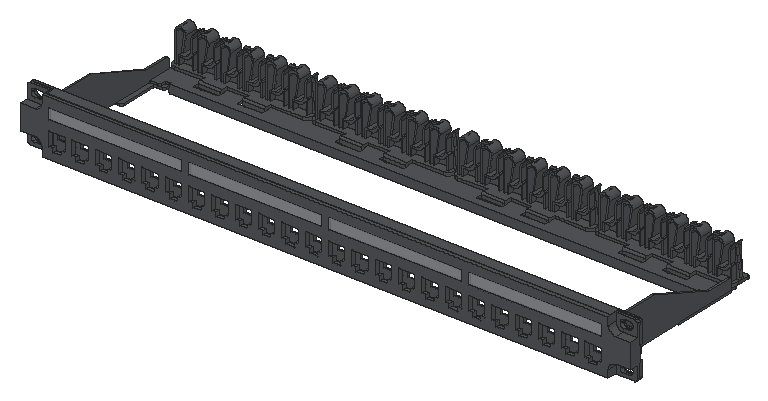
Revit family "Panneau de brassage", category Equipement spécialisé, Revit 2020 (continued)
Dimensions and locks
  equal spacing: group 25, group 26, group 27, group 28, group 29, group 30, group 31, group 32, group 33, group 34, group 35, group 36  (x2)
  locked: plane 60 to plane 59 at 13
  locked: plane 64 to plane 59 at 3.1
  locked: plane 60 to plane 62 at 3.1
  locked: plane 66 to plane 65 at 13
  locked: plane 70 to plane 65 at 3.1
  locked: plane 66 to plane 68 at 3.1
  locked: plane 72 to plane 71 at 13
  locked: plane 76 to plane 71 at 3.1
  locked: plane 72 to plane 74 at 3.1
  locked: plane 78 to plane 77 at 13
  locked: plane 82 to plane 77 at 3.1
  locked: plane 78 to plane 80 at 3.1
  locked: plane 84 to plane 83 at 13
  locked: plane 88 to plane 83 at 3.1
  locked: plane 84 to plane 86 at 3.1
  locked: plane 90 to plane 89 at 13
  locked: plane 94 to plane 89 at 3.1
  locked: plane 90 to plane 92 at 3.1
  locked: plane 96 to plane 95 at 13
  locked: plane 100 to plane 95 at 3.1
  locked: plane 96 to plane 98 at 3.1
  locked: plane 102 to plane 101 at 13
  locked: plane 106 to plane 101 at 3.1
  locked: plane 102 to plane 104 at 3.1
  locked: plane 108 to plane 107 at 13
  locked: plane 112 to plane 107 at 3.1
  locked: plane 108 to plane 110 at 3.1
  locked: plane 114 to plane 113 at 13
  locked: plane 118 to plane 113 at 3.1
  locked: plane 114 to plane 116 at 3.1
  locked: plane 119 to plane 120 at 13
  locked: plane 119 to plane 124 at 3.1
  locked: plane 122 to plane 120 at 3.1
  locked: plane 125 to plane 126 at 13
  locked: plane 125 to plane 130 at 3.1
  locked: plane 128 to plane 126 at 3.1
  locked: plane 131 to plane 132 at 13
  locked: plane 131 to plane 136 at 3.1
  locked: plane 134 to plane 132 at 3.1
  locked: plane 137 to plane 138 at 13
  locked: plane 137 to plane 142 at 3.1
  locked: plane 140 to plane 138 at 3.1
  locked: plane 143 to plane 144 at 13
  locked: plane 143 to plane 148 at 3.1
  locked: plane 146 to plane 144 at 3.1
  locked: plane 149 to plane 150 at 13
  locked: plane 149 to plane 154 at 3.1
  locked: plane 152 to plane 150 at 3.1
  locked: plane 155 to plane 156 at 13
  locked: plane 155 to plane 160 at 3.1
  locked: plane 158 to plane 156 at 3.1
  locked: plane 161 to plane 162 at 13
  locked: plane 161 to plane 166 at 3.1
  locked: plane 164 to plane 162 at 3.1
  locked: plane 167 to plane 168 at 13
  locked: plane 167 to plane 172 at 3.1
  locked: plane 170 to plane 168 at 3.1
  locked: plane 173 to plane 174 at 13
  locked: plane 173 to plane 178 at 3.1
  locked: plane 176 to plane 174 at 3.1
  locked: plane 179 to plane 180 at 13
  locked: plane 179 to plane 184 at 3.1
  locked: plane 182 to plane 180 at 3.1
  locked: plane 185 to plane 186 at 13
  locked: plane 185 to plane 190 at 3.1
  locked: plane 188 to plane 186 at 3.1
  plane 193 to cut or joined group 1 (Extrusion 31, Extrusion 32, Extrusion 33, Extrusion 34, Extrusion 35, Extrusion 36, Extrusion 37, Extrusion 38, Extrusion 39, Extrusion 40, Extrusion 41, Extrusion 42, Extrusion 43, Extrusion 44, Extrusion 45, Extrusion 46, Extrusion 47, Extrusion 48, Extrusion 49, Extrusion 50, Extrusion 51, Extrusion 52, Extrusion 53, Extrusion 54, Extrusion 55, Extrusion 56, Extrusion 57, Extrusion 58, Extrusion 59, Extrusion 60, Extrusion 61, Extrusion 62) = 27.7 mm
  plane 194 to plane 193 = 8.85 mm
  plane 198 to plane 197 = 8.85 mm
  plane 201 to plane 202 = 8.85 mm
  plane 205 to plane 206 = 8.85 mm
  locked: plane 208 to plane 1 "Centre (avant/arrière)" at 21.2
  plane 210 to plane 1 "Centre (avant/arrière)" = 110.8 mm
  plane 209 to level = 8.1 mm
  plane 211 to level = 1.7 mm
  level to plane 207 = 38.7 mm
  plane 212 to level = 17.7 mm
  plane 214 to plane 1 "Centre (avant/arrière)" = 35.2 mm
  plane 210 to plane 213 = 21 mm
  locked: plane 1 "Centre (avant/arrière)" to plane 215 at 59.26
  plane 216 to plane 215 = 32.5 mm
  plane 217 to plane 216 = 26.54 mm
  plane 3 to plane 218 = 6 mm
  plane 218 to plane 219 = 7.925 mm
  plane 223 to plane 226 = 21 mm
  plane 229 to plane 228 = 32.5 mm
  plane 230 to plane 229 = 26.54 mm
  plane 232 to plane 231 = 7.925 mm
  plane 1 "Centre (avant/arrière)" to plane 233 = 91.8 mm
  plane 233 to plane 234 = 26.5 mm
  locked: plane 3 to plane 235 at 1.75
  locked: plane 8 to plane 236 at 1.75
  plane 233 to plane 237 = 5.5 mm
  plane 235 to plane 238 = 8.475 mm
  plane 236 to plane 239 = 8.475 mm
  plane 3 to plane 240 = 14.225 mm
  plane 241 to plane 8 = 14.225 mm
  level to plane 242 = 3.2 mm
  locked: plane 243 to plane 14 at 28.868
  cut or joined group 2 (Extrusion 67, Extrusion 68, Extrusion 69, Extrusion 70, Extrusion 71, Extrusion 72, Extrusion 73, Extrusion 74, Extrusion 75, Extrusion 76, Extrusion 77, Extrusion 78, Extrusion 79, Extrusion 80, Extrusion 81, Extrusion 82, Extrusion 83, Extrusion 84, Extrusion 85, Extrusion 86, Extrusion 87, Extrusion 88, Extrusion 89, Extrusion 90, Extrusion 91, Extrusion 92, Extrusion 93, Extrusion 94, Extrusion 95, Extrusion 96) to plane 245 = 10 mm
  plane 245 to plane 244 = 6 mm
  Extrusion 69 sketch curve to plane 246 = 34.63 mm
  plane 248 to plane 247 = 6 mm
  Extrusion 70 sketch curve to plane 249 = 34.63 mm
  plane 250 to plane 251 = 6 mm
  Extrusion 71 sketch curve to plane 252 = 34.63 mm
  plane 253 to plane 254 = 6 mm
  Extrusion 72 sketch curve to plane 255 = 34.63 mm
  plane 259 to plane 256 = 2 mm
  plane 258 to plane 257 = 3 mm
  plane 257 to cut or joined group 2 = 6 mm
  plane 264 to plane 261 = 2 mm
  plane 263 to plane 262 = 3 mm
  plane 269 to plane 266 = 2 mm
  plane 268 to plane 267 = 3 mm
  plane 274 to plane 271 = 2 mm
  plane 273 to plane 272 = 3 mm
  plane 279 to plane 276 = 2 mm
  plane 278 to plane 277 = 3 mm
  plane 284 to plane 281 = 2 mm
  plane 283 to plane 282 = 3 mm
  plane 289 to plane 286 = 2 mm
  plane 288 to plane 287 = 3 mm
  plane 294 to plane 291 = 2 mm
  plane 293 to plane 292 = 3 mm
  plane 299 to plane 296 = 2 mm
  plane 298 to plane 297 = 3 mm
  plane 304 to plane 301 = 2 mm
  plane 303 to plane 302 = 3 mm
  plane 309 to plane 306 = 2 mm
  plane 308 to plane 307 = 3 mm
  plane 314 to plane 311 = 2 mm
  plane 313 to plane 312 = 3 mm
  plane 319 to plane 316 = 2 mm
  plane 317 to plane 318 = 3 mm
  plane 324 to plane 321 = 2 mm
  plane 322 to plane 323 = 3 mm
  plane 329 to plane 326 = 2 mm
  plane 327 to plane 328 = 3 mm
  plane 334 to plane 331 = 2 mm
  plane 332 to plane 333 = 3 mm
  plane 339 to plane 336 = 2 mm
  plane 337 to plane 338 = 3 mm
  plane 344 to plane 341 = 2 mm
  plane 342 to plane 343 = 3 mm
  plane 349 to plane 346 = 2 mm
  plane 347 to plane 348 = 3 mm
  plane 354 to plane 351 = 2 mm
  plane 352 to plane 353 = 3 mm
  plane 359 to plane 356 = 2 mm
  plane 357 to plane 358 = 3 mm
  plane 364 to plane 361 = 2 mm
  plane 362 to plane 363 = 3 mm
  plane 369 to plane 366 = 2 mm
  plane 367 to plane 368 = 3 mm
  plane 374 to plane 371 = 2 mm
  plane 372 to plane 373 = 3 mm
  locked: plane 3 to plane 378 at 0.4
  plane 378 to plane 379 = 111 mm
  locked: plane 376 to plane 1 "Centre (avant/arrière)" at 112.3
  locked: plane 377 to plane 376 at 16.5
  locked: Extrusion 97 to plane 380 at 28.5
  cut or joined group 2 to Extrusion 98 sketch curve = 2 mm
  Extrusion 98 sketch curve to Extrusion 98 sketch curve = 4 mm
  equal spacing: cut or joined group 2, plane 381, cut or joined group 2
  Extrusion 99 sketch curve to Extrusion 99 sketch curve = 4 mm
  locked: Extrusion 97 to plane 382 at 5
  Extrusion 97 to plane 383 = 5.5 mm
  plane 385 to plane 384 = 1.25 mm
  cut or joined group 3 (Extrusion 97, Extrusion 98, Extrusion 99, Extrusion 100, Extrusion 101, Extrusion 102, Extrusion 103, Extrusion 104, Extrusion 105, Extrusion 106, Extrusion 107, Extrusion 108, Extrusion 109, Extrusion 110, Extrusion 111, Extrusion 117, Extrusion 119, Extrusion 120, Extrusion 121, Extrusion 122, Extrusion 128, Extrusion 131) to plane 389 = 0.5 mm
  plane 390 to cut or joined group 3 = 2.5 mm
  equal spacing: cut or joined group 2, plane 391, cut or joined group 2
  plane 394 to plane 393 = 1.25 mm
  locked: plane 399 to plane 1 "Centre (avant/arrière)" at 125.765
  plane 400 to Extrusion 106 sketch curve = 2.34 mm
  cut or joined group 3 to plane 401 = 23 mm
  plane 402 to plane 400 = 17.5 mm
  cut or joined group 3 to plane 403 = 25 mm
  plane 402 to plane 404 = 1.2 mm
  plane 405 to plane 400 = 5.3 mm
  cut or joined group 3 to plane 406 = 7 mm
  plane 408 to cut or joined group 1 = 3 mm
  plane 409 to plane 405 = 1.2 mm
  plane 402 to plane 411 = 1.2 mm
  plane 413 to Extrusion 107 sketch curve = 2.34 mm
  plane 415 to plane 413 = 17.5 mm
  plane 415 to plane 417 = 1.2 mm
  plane 418 to plane 413 = 5.3 mm
  plane 422 to plane 418 = 1.2 mm
  plane 415 to plane 424 = 1.2 mm
  plane 426 to Extrusion 108 sketch curve = 2.34 mm
  plane 428 to plane 426 = 17.5 mm
  plane 428 to plane 430 = 1.2 mm
  plane 431 to plane 426 = 5.3 mm
  plane 435 to plane 431 = 1.2 mm
  plane 428 to plane 437 = 1.2 mm
  plane 439 to Extrusion 109 sketch curve = 2.34 mm
  plane 441 to plane 439 = 17.5 mm
  plane 441 to plane 443 = 1.2 mm
  plane 444 to plane 439 = 5.3 mm
  plane 448 to plane 444 = 1.2 mm
  plane 441 to plane 450 = 1.2 mm
  plane 452 to Extrusion 110 sketch curve = 2.34 mm
  plane 454 to plane 452 = 17.5 mm
  plane 454 to plane 456 = 1.2 mm
  plane 457 to plane 452 = 5.3 mm
  plane 461 to plane 457 = 1.2 mm
  plane 454 to plane 463 = 1.2 mm
  plane 465 to Extrusion 111 sketch curve = 2.34 mm
  plane 467 to plane 465 = 17.5 mm
  plane 467 to plane 469 = 1.2 mm
  plane 470 to plane 465 = 5.3 mm
  plane 474 to plane 470 = 1.2 mm
  plane 467 to plane 476 = 1.2 mm
  equal spacing: Extrusion 106, plane 478, plane 399
  plane 487 to plane 488 = 111 mm
  locked: plane 486 to plane 485 at 16.5
  Extrusion 124 sketch curve to Extrusion 124 sketch curve = 4 mm
  Extrusion 125 sketch curve to Extrusion 125 sketch curve = 4 mm
  Extrusion 123 to plane 489 = 5.5 mm
  plane 491 to plane 490 = 1.25 mm
  plane 499 to plane 498 = 1.25 mm
  plane 504 to Extrusion 132 sketch curve = 2.34 mm
  plane 506 to plane 504 = 17.5 mm
  plane 506 to plane 508 = 1.2 mm
  plane 509 to plane 504 = 5.3 mm
  plane 513 to plane 509 = 1.2 mm
  plane 506 to plane 515 = 1.2 mm
  plane 517 to Extrusion 133 sketch curve = 2.34 mm
  plane 519 to plane 517 = 17.5 mm
  plane 519 to plane 521 = 1.2 mm
  plane 522 to plane 517 = 5.3 mm
  plane 526 to plane 522 = 1.2 mm
  plane 519 to plane 528 = 1.2 mm
  plane 530 to Extrusion 134 sketch curve = 2.34 mm
  plane 532 to plane 530 = 17.5 mm
  plane 532 to plane 534 = 1.2 mm
  plane 535 to plane 530 = 5.3 mm
  plane 539 to plane 535 = 1.2 mm
  plane 532 to plane 541 = 1.2 mm
  plane 543 to Extrusion 135 sketch curve = 2.34 mm
  plane 545 to plane 543 = 17.5 mm
  plane 545 to plane 547 = 1.2 mm
  plane 548 to plane 543 = 5.3 mm
  plane 552 to plane 548 = 1.2 mm
  plane 545 to plane 554 = 1.2 mm
  plane 556 to Extrusion 136 sketch curve = 2.34 mm
  plane 558 to plane 556 = 17.5 mm
  plane 558 to plane 560 = 1.2 mm
  plane 561 to plane 556 = 5.3 mm
  plane 565 to plane 561 = 1.2 mm
  plane 558 to plane 567 = 1.2 mm
  plane 569 to Extrusion 137 sketch curve = 2.34 mm
  plane 571 to plane 569 = 17.5 mm
  plane 571 to plane 573 = 1.2 mm
  plane 574 to plane 569 = 5.3 mm
  plane 578 to plane 574 = 1.2 mm
  plane 571 to plane 580 = 1.2 mm
  plane 590 to plane 591 = 111 mm
  locked: plane 589 to plane 588 at 16.5
  Extrusion 150 sketch curve to Extrusion 150 sketch curve = 4 mm
  Extrusion 151 sketch curve to Extrusion 151 sketch curve = 4 mm
  Extrusion 149 to plane 592 = 5.5 mm
  plane 594 to plane 593 = 1.25 mm
  plane 602 to plane 601 = 1.25 mm
  plane 607 to Extrusion 158 sketch curve = 2.34 mm
  plane 609 to plane 607 = 17.5 mm
  plane 609 to plane 611 = 1.2 mm
  plane 612 to plane 607 = 5.3 mm
  plane 616 to plane 612 = 1.2 mm
  plane 609 to plane 618 = 1.2 mm
  plane 620 to Extrusion 159 sketch curve = 2.34 mm
  plane 622 to plane 620 = 17.5 mm
  plane 622 to plane 624 = 1.2 mm
  plane 625 to plane 620 = 5.3 mm
  plane 629 to plane 625 = 1.2 mm
  plane 622 to plane 631 = 1.2 mm
  plane 633 to Extrusion 160 sketch curve = 2.34 mm
  plane 635 to plane 633 = 17.5 mm
  plane 635 to plane 637 = 1.2 mm
  plane 638 to plane 633 = 5.3 mm
  plane 642 to plane 638 = 1.2 mm
  plane 635 to plane 644 = 1.2 mm
  plane 646 to Extrusion 161 sketch curve = 2.34 mm
  plane 648 to plane 646 = 17.5 mm
  plane 648 to plane 650 = 1.2 mm
  plane 651 to plane 646 = 5.3 mm
  plane 655 to plane 651 = 1.2 mm
  plane 648 to plane 657 = 1.2 mm
  plane 659 to Extrusion 162 sketch curve = 2.34 mm
  plane 661 to plane 659 = 17.5 mm
  plane 661 to plane 663 = 1.2 mm
  plane 664 to plane 659 = 5.3 mm
  plane 668 to plane 664 = 1.2 mm
  plane 661 to plane 670 = 1.2 mm
  plane 672 to Extrusion 163 sketch curve = 2.34 mm
  plane 674 to plane 672 = 17.5 mm
  plane 674 to plane 676 = 1.2 mm
  plane 677 to plane 672 = 5.3 mm
  plane 681 to plane 677 = 1.2 mm
  plane 674 to plane 683 = 1.2 mm
  plane 692 to plane 693 = 111 mm
  locked: plane 691 to plane 690 at 16.5
  Extrusion 176 sketch curve to Extrusion 176 sketch curve = 4 mm
  Extrusion 177 sketch curve to Extrusion 177 sketch curve = 4 mm
  Extrusion 175 to plane 694 = 5.5 mm
  plane 696 to plane 695 = 1.25 mm
  plane 704 to plane 703 = 1.25 mm
  plane 709 to Extrusion 184 sketch curve = 2.34 mm
  plane 711 to plane 709 = 17.5 mm
  plane 711 to plane 713 = 1.2 mm
  plane 714 to plane 709 = 5.3 mm
  plane 718 to plane 714 = 1.2 mm
  plane 711 to plane 720 = 1.2 mm
  plane 722 to Extrusion 185 sketch curve = 2.34 mm
  plane 724 to plane 722 = 17.5 mm
  plane 724 to plane 726 = 1.2 mm
  plane 727 to plane 722 = 5.3 mm
  plane 731 to plane 727 = 1.2 mm
  plane 724 to plane 733 = 1.2 mm
  plane 735 to Extrusion 186 sketch curve = 2.34 mm
  plane 737 to plane 735 = 17.5 mm
  plane 737 to plane 739 = 1.2 mm
  plane 740 to plane 735 = 5.3 mm
  plane 744 to plane 740 = 1.2 mm
  plane 737 to plane 746 = 1.2 mm
  plane 748 to Extrusion 187 sketch curve = 2.34 mm
  plane 750 to plane 748 = 17.5 mm
  plane 750 to plane 752 = 1.2 mm
  plane 753 to plane 748 = 5.3 mm
  plane 757 to plane 753 = 1.2 mm
  plane 750 to plane 759 = 1.2 mm
  plane 761 to Extrusion 188 sketch curve = 2.34 mm
  plane 763 to plane 761 = 17.5 mm
  plane 763 to plane 765 = 1.2 mm
  plane 766 to plane 761 = 5.3 mm
  plane 770 to plane 766 = 1.2 mm
  plane 763 to plane 772 = 1.2 mm
  plane 774 to Extrusion 189 sketch curve = 2.34 mm
  plane 776 to plane 774 = 17.5 mm
  plane 776 to plane 778 = 1.2 mm
  plane 779 to plane 774 = 5.3 mm
  plane 783 to plane 779 = 1.2 mm
  plane 776 to plane 785 = 1.2 mm
  radius of Extrusion 1 sketch curve = 2.5 mm  (x2)
  radius of Extrusion 32 sketch curve = 6 mm  (x2)
  radius of Extrusion 33 sketch curve = 6 mm  (x2)
  aligned and locked: level to plane 2
  aligned and locked: Extrusion 1 sketch curve to plane 5
  aligned and locked: plane 2 to Extrusion 1 sketch curve
  aligned and locked: Extrusion 1 sketch curve to plane 4
  aligned and locked: plane 6 to Extrusion 1
  aligned and locked: plane 7 to Extrusion 1
  aligned and locked: plane 12 to Extrusion 2 sketch curve
  aligned and locked: Extrusion 2 sketch curve to plane 13
  aligned and locked: Extrusion 2 sketch curve to plane 11
  aligned and locked: Extrusion 2 sketch curve to plane 7
  aligned and locked: plane 6 to Extrusion 2
  aligned and locked: Extrusion 2 sketch curve to plane 18
  aligned and locked: Extrusion 2 sketch curve to plane 15
  aligned and locked: plane 17 to Extrusion 2 sketch curve
  aligned and locked: plane 16 to Extrusion 2 sketch curve
  aligned and locked: Extrusion 2 sketch curve to plane 20
  aligned and locked: plane 15 to Extrusion 2 sketch curve
  aligned and locked: plane 19 to Extrusion 2 sketch curve
  aligned and locked: Extrusion 2 sketch curve to plane 16
  aligned and locked: Extrusion 3 sketch curve to plane 21
  aligned and locked: Extrusion 3 sketch curve to plane 23
  aligned and locked: Extrusion 3 sketch curve to plane 22
  aligned and locked: plane 23 to Extrusion 3 sketch curve
  aligned and locked: plane 8 to Extrusion 3
  aligned and locked: Extrusion 4 sketch curve to plane 26
  aligned and locked: Extrusion 4 sketch curve to plane 25
  aligned and locked: Extrusion 4 sketch curve to plane 24
  aligned and locked: plane 28 to Extrusion 4
  aligned and locked: plane 32 to Extrusion 5 sketch curve
  aligned and locked: plane 29 to Extrusion 5 sketch curve
  aligned and locked: Extrusion 5 sketch curve to plane 31
  aligned and locked: Extrusion 5 sketch curve to plane 30
  aligned and locked: plane 34 to Extrusion 5 sketch curve
  aligned and locked: Extrusion 5 sketch curve to plane 29
  aligned and locked: Extrusion 5 sketch curve to plane 33
  aligned and locked: plane 30 to Extrusion 5 sketch curve
  aligned and locked: plane 37 to Extrusion 6 sketch curve
  aligned and locked: Extrusion 6 sketch curve to plane 36
  aligned and locked: Extrusion 6 sketch curve to plane 35
  aligned and locked: Extrusion 7 to plane 6
  aligned and locked: plane 45 to Extrusion 31 sketch curve  (x2)
  aligned and locked: Extrusion 31 sketch curve to plane 7
  aligned and locked: plane 5 to Extrusion 31
  aligned and locked: plane 46 to Extrusion 32
  aligned and locked: Extrusion 34 sketch curve to cut or joined group 1
  aligned and locked: cut or joined group 1 to Extrusion 34 sketch curve
  aligned and locked: plane 6 to Extrusion 34
  aligned and locked: Extrusion 35 sketch curve to plane 49
  aligned and locked: Extrusion 35 sketch curve to plane 47
  aligned and locked: plane 52 to Extrusion 35 sketch curve
  aligned and locked: plane 51 to Extrusion 35 sketch curve
  aligned and locked: plane 50 to Extrusion 35 sketch curve
  aligned and locked: Extrusion 35 sketch curve to plane 48
  aligned and locked: Extrusion 35 to cut or joined group 4 (Extrusion 1, Extrusion 2, Extrusion 3, Extrusion 4, Extrusion 5, Extrusion 6, Extrusion 7, Extrusion 8, Extrusion 9, Extrusion 10, Extrusion 11, Extrusion 12, Extrusion 13, Extrusion 14, Extrusion 15, Extrusion 16, Extrusion 17, Extrusion 18, Extrusion 19, Extrusion 20, Extrusion 21, Extrusion 22, Extrusion 23, Extrusion 24, Extrusion 25, Extrusion 26, Extrusion 27, Extrusion 28, Extrusion 29, Extrusion 30, Extrusion 32)
  aligned and locked: Extrusion 36 sketch curve to plane 55
  aligned and locked: Extrusion 36 sketch curve to plane 53
  aligned and locked: plane 58 to Extrusion 36 sketch curve
  aligned and locked: plane 57 to Extrusion 36 sketch curve
  aligned and locked: plane 56 to Extrusion 36 sketch curve
  aligned and locked: Extrusion 36 sketch curve to plane 54
  aligned and locked: Extrusion 37 sketch curve to plane 61
  aligned and locked: Extrusion 37 sketch curve to plane 59
  aligned and locked: plane 64 to Extrusion 37 sketch curve
  aligned and locked: plane 63 to Extrusion 37 sketch curve
  aligned and locked: plane 62 to Extrusion 37 sketch curve
  aligned and locked: Extrusion 37 sketch curve to plane 60
  aligned and locked: Extrusion 38 sketch curve to plane 67
  aligned and locked: Extrusion 38 sketch curve to plane 65
  aligned and locked: plane 70 to Extrusion 38 sketch curve
  aligned and locked: plane 69 to Extrusion 38 sketch curve
  aligned and locked: plane 68 to Extrusion 38 sketch curve
  aligned and locked: Extrusion 38 sketch curve to plane 66
  aligned and locked: Extrusion 39 sketch curve to plane 73
  aligned and locked: Extrusion 39 sketch curve to plane 71
  aligned and locked: plane 76 to Extrusion 39 sketch curve
  aligned and locked: plane 75 to Extrusion 39 sketch curve
  aligned and locked: plane 74 to Extrusion 39 sketch curve
  aligned and locked: Extrusion 39 sketch curve to plane 72
  aligned and locked: Extrusion 40 sketch curve to plane 79
  aligned and locked: Extrusion 40 sketch curve to plane 77
  aligned and locked: plane 82 to Extrusion 40 sketch curve
  aligned and locked: plane 81 to Extrusion 40 sketch curve
  aligned and locked: plane 80 to Extrusion 40 sketch curve
  aligned and locked: Extrusion 40 sketch curve to plane 78
  aligned and locked: Extrusion 41 sketch curve to plane 85
  aligned and locked: Extrusion 41 sketch curve to plane 83
  aligned and locked: plane 88 to Extrusion 41 sketch curve
  aligned and locked: plane 87 to Extrusion 41 sketch curve
  aligned and locked: plane 86 to Extrusion 41 sketch curve
  aligned and locked: Extrusion 41 sketch curve to plane 84
  aligned and locked: Extrusion 42 sketch curve to plane 91
  aligned and locked: Extrusion 42 sketch curve to plane 89
  aligned and locked: plane 94 to Extrusion 42 sketch curve
  aligned and locked: plane 93 to Extrusion 42 sketch curve
  aligned and locked: plane 92 to Extrusion 42 sketch curve
  aligned and locked: Extrusion 42 sketch curve to plane 90
  aligned and locked: Extrusion 43 sketch curve to plane 97
  aligned and locked: Extrusion 43 sketch curve to plane 95
  aligned and locked: plane 100 to Extrusion 43 sketch curve
  aligned and locked: plane 99 to Extrusion 43 sketch curve
  aligned and locked: plane 98 to Extrusion 43 sketch curve
  aligned and locked: Extrusion 43 sketch curve to plane 96
  aligned and locked: Extrusion 44 sketch curve to plane 103
  aligned and locked: Extrusion 44 sketch curve to plane 101
  aligned and locked: plane 106 to Extrusion 44 sketch curve
  aligned and locked: plane 105 to Extrusion 44 sketch curve
  aligned and locked: plane 104 to Extrusion 44 sketch curve
  aligned and locked: Extrusion 44 sketch curve to plane 102
  aligned and locked: Extrusion 45 sketch curve to plane 109
  aligned and locked: Extrusion 45 sketch curve to plane 107
  aligned and locked: plane 112 to Extrusion 45 sketch curve
  aligned and locked: plane 111 to Extrusion 45 sketch curve
  aligned and locked: plane 110 to Extrusion 45 sketch curve
  aligned and locked: Extrusion 45 sketch curve to plane 108
  aligned and locked: Extrusion 46 sketch curve to plane 115
  aligned and locked: Extrusion 46 sketch curve to plane 113
  aligned and locked: plane 118 to Extrusion 46 sketch curve
  aligned and locked: plane 117 to Extrusion 46 sketch curve
  aligned and locked: plane 116 to Extrusion 46 sketch curve
  aligned and locked: Extrusion 46 sketch curve to plane 114
  aligned and locked: Extrusion 47 sketch curve to plane 121
  aligned and locked: plane 119 to Extrusion 47 sketch curve
  aligned and locked: Extrusion 47 sketch curve to plane 124
  aligned and locked: plane 123 to Extrusion 47 sketch curve
  aligned and locked: Extrusion 47 sketch curve to plane 122
  aligned and locked: plane 120 to Extrusion 47 sketch curve
  aligned and locked: Extrusion 48 sketch curve to plane 127
  aligned and locked: plane 125 to Extrusion 48 sketch curve
  aligned and locked: Extrusion 48 sketch curve to plane 130
  aligned and locked: plane 129 to Extrusion 48 sketch curve
  aligned and locked: Extrusion 48 sketch curve to plane 128
  aligned and locked: plane 126 to Extrusion 48 sketch curve
  aligned and locked: Extrusion 49 sketch curve to plane 133
  aligned and locked: plane 131 to Extrusion 49 sketch curve
  aligned and locked: Extrusion 49 sketch curve to plane 136
  aligned and locked: plane 135 to Extrusion 49 sketch curve
  aligned and locked: Extrusion 49 sketch curve to plane 134
  aligned and locked: plane 132 to Extrusion 49 sketch curve
  aligned and locked: Extrusion 50 sketch curve to plane 139
  aligned and locked: plane 137 to Extrusion 50 sketch curve
  aligned and locked: Extrusion 50 sketch curve to plane 142
  aligned and locked: plane 141 to Extrusion 50 sketch curve
  aligned and locked: Extrusion 50 sketch curve to plane 140
  aligned and locked: plane 138 to Extrusion 50 sketch curve
  aligned and locked: Extrusion 51 sketch curve to plane 145
  aligned and locked: plane 143 to Extrusion 51 sketch curve
  aligned and locked: Extrusion 51 sketch curve to plane 148
  aligned and locked: plane 147 to Extrusion 51 sketch curve
  aligned and locked: Extrusion 51 sketch curve to plane 146
  aligned and locked: plane 144 to Extrusion 51 sketch curve
  aligned and locked: Extrusion 52 sketch curve to plane 151
  aligned and locked: plane 149 to Extrusion 52 sketch curve
  aligned and locked: Extrusion 52 sketch curve to plane 154
  aligned and locked: plane 153 to Extrusion 52 sketch curve
  aligned and locked: Extrusion 52 sketch curve to plane 152
  aligned and locked: plane 150 to Extrusion 52 sketch curve
  aligned and locked: Extrusion 53 sketch curve to plane 157
  aligned and locked: plane 155 to Extrusion 53 sketch curve
  aligned and locked: Extrusion 53 sketch curve to plane 160
  aligned and locked: plane 159 to Extrusion 53 sketch curve
  aligned and locked: Extrusion 53 sketch curve to plane 158
  aligned and locked: plane 156 to Extrusion 53 sketch curve
  aligned and locked: Extrusion 54 sketch curve to plane 163
  aligned and locked: plane 161 to Extrusion 54 sketch curve
  aligned and locked: Extrusion 54 sketch curve to plane 166
  aligned and locked: plane 165 to Extrusion 54 sketch curve
  aligned and locked: Extrusion 54 sketch curve to plane 164
  aligned and locked: plane 162 to Extrusion 54 sketch curve
  aligned and locked: Extrusion 55 sketch curve to plane 169
  aligned and locked: plane 167 to Extrusion 55 sketch curve
  aligned and locked: Extrusion 55 sketch curve to plane 172
  aligned and locked: plane 171 to Extrusion 55 sketch curve
  aligned and locked: Extrusion 55 sketch curve to plane 170
  aligned and locked: plane 168 to Extrusion 55 sketch curve
  aligned and locked: Extrusion 56 sketch curve to plane 175
  aligned and locked: plane 173 to Extrusion 56 sketch curve
  aligned and locked: Extrusion 56 sketch curve to plane 178
  aligned and locked: plane 177 to Extrusion 56 sketch curve
  aligned and locked: Extrusion 56 sketch curve to plane 176
  aligned and locked: plane 174 to Extrusion 56 sketch curve
  aligned and locked: Extrusion 57 sketch curve to plane 181
  aligned and locked: plane 179 to Extrusion 57 sketch curve
  aligned and locked: Extrusion 57 sketch curve to plane 184
  aligned and locked: plane 183 to Extrusion 57 sketch curve
  aligned and locked: Extrusion 57 sketch curve to plane 182
  aligned and locked: plane 180 to Extrusion 57 sketch curve
  aligned and locked: Extrusion 58 sketch curve to plane 187
  aligned and locked: plane 185 to Extrusion 58 sketch curve
  aligned and locked: Extrusion 58 sketch curve to plane 190
  aligned and locked: plane 189 to Extrusion 58 sketch curve
  aligned and locked: Extrusion 58 sketch curve to plane 188
  aligned and locked: plane 186 to Extrusion 58 sketch curve
  aligned and locked: plane 191 to cut or joined group 1
  aligned and locked: plane 192 to cut or joined group 1
  aligned and locked: plane 193 to Extrusion 59 sketch curve
  aligned and locked: Extrusion 59 sketch curve to plane 192
  aligned and locked: Extrusion 59 sketch curve to plane 194
  aligned and locked: plane 191 to Extrusion 59 sketch curve
  aligned and locked: plane 197 to Extrusion 60 sketch curve
  aligned and locked: Extrusion 60 sketch curve to plane 196
  aligned and locked: Extrusion 60 sketch curve to plane 198
  aligned and locked: plane 195 to Extrusion 60 sketch curve
  aligned and locked: Extrusion 61 sketch curve to plane 201
  aligned and locked: Extrusion 61 sketch curve to plane 200
  aligned and locked: plane 202 to Extrusion 61 sketch curve
  aligned and locked: plane 199 to Extrusion 61 sketch curve
  aligned and locked: Extrusion 62 sketch curve to plane 205
  aligned and locked: Extrusion 62 sketch curve to plane 204
  aligned and locked: plane 206 to Extrusion 62 sketch curve
  aligned and locked: plane 203 to Extrusion 62 sketch curve
  aligned and locked: plane 211 to Extrusion 63 sketch curve
  aligned and locked: Extrusion 63 sketch curve to plane 208
  aligned and locked: Extrusion 63 sketch curve to plane 209
  aligned and locked: Extrusion 63 sketch curve to plane 210
  aligned and locked: plane 213 to Extrusion 63 sketch curve
  aligned and locked: Extrusion 63 sketch curve to plane 212
  aligned and locked: Extrusion 63 sketch curve to cut or joined group 4
  aligned and locked: Extrusion 63 sketch curve to plane 207
  aligned and locked: plane 9 to Extrusion 63
  aligned and locked: plane 215 to Extrusion 64 sketch curve
  aligned and locked: plane 3 to Extrusion 64 sketch curve
  aligned and locked: Extrusion 64 sketch curve to Extrusion 63
  aligned and locked: Extrusion 63 to Extrusion 64 sketch curve
  aligned and locked: Extrusion 64 sketch curve to plane 217
  aligned and locked: plane 219 to Extrusion 64 sketch curve
  aligned and locked: plane 216 to Extrusion 64 sketch curve
  aligned and locked: plane 218 to Extrusion 64 sketch curve
  aligned and locked: Extrusion 65 sketch curve to plane 224
  aligned and locked: Extrusion 65 sketch curve to plane 221
  aligned and locked: plane 222 to Extrusion 65 sketch curve
  aligned and locked: Extrusion 65 sketch curve to plane 223
  aligned and locked: plane 226 to Extrusion 65 sketch curve
  aligned and locked: plane 225 to Extrusion 65 sketch curve
  aligned and locked: plane 220 to Extrusion 65 sketch curve
  aligned and locked: plane 228 to Extrusion 66 sketch curve
  aligned and locked: Extrusion 66 sketch curve to Extrusion 65
  aligned and locked: Extrusion 65 to Extrusion 66 sketch curve
  aligned and locked: Extrusion 66 sketch curve to plane 230
  aligned and locked: Extrusion 66 sketch curve to plane 232
  aligned and locked: plane 229 to Extrusion 66 sketch curve
  aligned and locked: Extrusion 66 sketch curve to plane 231
  aligned and locked: plane 9 to Extrusion 67 sketch curve
  aligned and locked: Extrusion 67 sketch curve to plane 234
  aligned and locked: Extrusion 67 sketch curve to plane 233  (x2)
  aligned and locked: Extrusion 67 sketch curve to plane 239
  aligned and locked: plane 238 to Extrusion 67 sketch curve
  aligned and locked: plane 242 to Extrusion 68 sketch curve
  aligned and locked: Extrusion 68 sketch curve to plane 241
  aligned and locked: Extrusion 68 sketch curve to Extrusion 67
  aligned and locked: Extrusion 68 sketch curve to plane 240
  aligned and locked: plane 244 to Extrusion 69 sketch curve
  aligned and locked: Extrusion 69 sketch curve to plane 246
  aligned and locked: plane 245 to Extrusion 69 sketch curve
  aligned and locked: plane 243 to Extrusion 69 sketch curve
  aligned and locked: Extrusion 67 to Extrusion 69
  aligned and locked: plane 247 to Extrusion 70 sketch curve
  aligned and locked: Extrusion 70 sketch curve to plane 249
  aligned and locked: plane 248 to Extrusion 70 sketch curve
  aligned and locked: Extrusion 71 sketch curve to plane 250
  aligned and locked: Extrusion 71 sketch curve to plane 252
  aligned and locked: Extrusion 71 sketch curve to plane 251
  aligned and locked: Extrusion 72 sketch curve to plane 253
  aligned and locked: Extrusion 72 sketch curve to plane 255
  aligned and locked: Extrusion 72 sketch curve to plane 254
  aligned and locked: cut or joined group 2 to Extrusion 73 sketch curve
  aligned and locked: plane 256 to Extrusion 73 sketch curve
  aligned and locked: Extrusion 73 sketch curve to plane 258
  aligned and locked: Extrusion 73 sketch curve to plane 257  (x2)
  aligned and locked: plane 260 to Extrusion 73 sketch curve
  aligned and locked: plane 259 to Extrusion 73 sketch curve
  aligned and locked: plane 261 to Extrusion 74 sketch curve
  aligned and locked: Extrusion 74 sketch curve to plane 263
  aligned and locked: Extrusion 74 sketch curve to plane 262  (x2)
  aligned and locked: plane 265 to Extrusion 74 sketch curve
  aligned and locked: plane 264 to Extrusion 74 sketch curve
  aligned and locked: plane 266 to Extrusion 75 sketch curve
  aligned and locked: Extrusion 75 sketch curve to plane 268
  aligned and locked: Extrusion 75 sketch curve to plane 267  (x2)
  aligned and locked: plane 270 to Extrusion 75 sketch curve
  aligned and locked: plane 269 to Extrusion 75 sketch curve
  aligned and locked: plane 271 to Extrusion 76 sketch curve
  aligned and locked: Extrusion 76 sketch curve to plane 273
  aligned and locked: Extrusion 76 sketch curve to plane 272  (x2)
  aligned and locked: plane 275 to Extrusion 76 sketch curve
  aligned and locked: plane 274 to Extrusion 76 sketch curve
  aligned and locked: plane 276 to Extrusion 77 sketch curve
  aligned and locked: Extrusion 77 sketch curve to plane 278
  aligned and locked: Extrusion 77 sketch curve to plane 277  (x2)
  aligned and locked: plane 280 to Extrusion 77 sketch curve
  aligned and locked: plane 279 to Extrusion 77 sketch curve
  aligned and locked: plane 281 to Extrusion 78 sketch curve
  aligned and locked: Extrusion 78 sketch curve to plane 283
  aligned and locked: Extrusion 78 sketch curve to plane 282  (x2)
  aligned and locked: plane 285 to Extrusion 78 sketch curve
  aligned and locked: plane 284 to Extrusion 78 sketch curve
  aligned and locked: plane 286 to Extrusion 79 sketch curve
  aligned and locked: Extrusion 79 sketch curve to plane 288
  aligned and locked: Extrusion 79 sketch curve to plane 287  (x2)
  aligned and locked: plane 290 to Extrusion 79 sketch curve
  aligned and locked: plane 289 to Extrusion 79 sketch curve
  aligned and locked: plane 291 to Extrusion 80 sketch curve
  aligned and locked: Extrusion 80 sketch curve to plane 293
  aligned and locked: Extrusion 80 sketch curve to plane 292  (x2)
  aligned and locked: plane 295 to Extrusion 80 sketch curve
  aligned and locked: plane 294 to Extrusion 80 sketch curve
  aligned and locked: plane 296 to Extrusion 81 sketch curve
  aligned and locked: Extrusion 81 sketch curve to plane 298
  aligned and locked: Extrusion 81 sketch curve to plane 297  (x2)
  aligned and locked: plane 300 to Extrusion 81 sketch curve
  aligned and locked: plane 299 to Extrusion 81 sketch curve
  aligned and locked: plane 301 to Extrusion 82 sketch curve
  aligned and locked: Extrusion 82 sketch curve to plane 303
  aligned and locked: Extrusion 82 sketch curve to plane 302  (x2)
  aligned and locked: plane 305 to Extrusion 82 sketch curve
  aligned and locked: plane 304 to Extrusion 82 sketch curve
  aligned and locked: plane 306 to Extrusion 83 sketch curve
  aligned and locked: Extrusion 83 sketch curve to plane 308
  aligned and locked: Extrusion 83 sketch curve to plane 307  (x2)
  aligned and locked: plane 310 to Extrusion 83 sketch curve
  aligned and locked: plane 309 to Extrusion 83 sketch curve
  aligned and locked: plane 311 to Extrusion 84 sketch curve
  aligned and locked: Extrusion 84 sketch curve to plane 313
  aligned and locked: Extrusion 84 sketch curve to plane 312  (x2)
  aligned and locked: plane 315 to Extrusion 84 sketch curve
  aligned and locked: plane 314 to Extrusion 84 sketch curve
  aligned and locked: plane 316 to Extrusion 85 sketch curve
  aligned and locked: plane 318 to Extrusion 85 sketch curve
  aligned and locked: plane 317 to Extrusion 85 sketch curve  (x2)
  aligned and locked: plane 320 to Extrusion 85 sketch curve
  aligned and locked: plane 319 to Extrusion 85 sketch curve
  aligned and locked: plane 321 to Extrusion 86 sketch curve
  aligned and locked: plane 323 to Extrusion 86 sketch curve
  aligned and locked: plane 322 to Extrusion 86 sketch curve  (x2)
  aligned and locked: plane 325 to Extrusion 86 sketch curve
  aligned and locked: plane 324 to Extrusion 86 sketch curve
  aligned and locked: plane 326 to Extrusion 87 sketch curve
  aligned and locked: plane 328 to Extrusion 87 sketch curve
  aligned and locked: plane 327 to Extrusion 87 sketch curve  (x2)
  aligned and locked: plane 330 to Extrusion 87 sketch curve
  aligned and locked: plane 329 to Extrusion 87 sketch curve
  aligned and locked: plane 331 to Extrusion 88 sketch curve
  aligned and locked: plane 333 to Extrusion 88 sketch curve
  aligned and locked: plane 332 to Extrusion 88 sketch curve  (x2)
  aligned and locked: plane 335 to Extrusion 88 sketch curve
  aligned and locked: plane 334 to Extrusion 88 sketch curve
  aligned and locked: plane 336 to Extrusion 89 sketch curve
  aligned and locked: plane 338 to Extrusion 89 sketch curve
  aligned and locked: plane 337 to Extrusion 89 sketch curve  (x2)
  aligned and locked: plane 340 to Extrusion 89 sketch curve
  aligned and locked: plane 339 to Extrusion 89 sketch curve
  aligned and locked: plane 341 to Extrusion 90 sketch curve
  aligned and locked: plane 343 to Extrusion 90 sketch curve
  aligned and locked: plane 342 to Extrusion 90 sketch curve  (x2)
  aligned and locked: plane 345 to Extrusion 90 sketch curve
  aligned and locked: plane 344 to Extrusion 90 sketch curve
  aligned and locked: plane 346 to Extrusion 91 sketch curve
  aligned and locked: plane 348 to Extrusion 91 sketch curve
  aligned and locked: plane 347 to Extrusion 91 sketch curve  (x2)
  aligned and locked: plane 350 to Extrusion 91 sketch curve
  aligned and locked: plane 349 to Extrusion 91 sketch curve
  aligned and locked: plane 351 to Extrusion 92 sketch curve
  aligned and locked: plane 353 to Extrusion 92 sketch curve
  aligned and locked: plane 352 to Extrusion 92 sketch curve  (x2)
  aligned and locked: plane 355 to Extrusion 92 sketch curve
  aligned and locked: plane 354 to Extrusion 92 sketch curve
  aligned and locked: plane 356 to Extrusion 93 sketch curve
  aligned and locked: plane 358 to Extrusion 93 sketch curve
  aligned and locked: plane 357 to Extrusion 93 sketch curve  (x2)
  aligned and locked: plane 360 to Extrusion 93 sketch curve
  aligned and locked: plane 359 to Extrusion 93 sketch curve
  aligned and locked: plane 361 to Extrusion 94 sketch curve
  aligned and locked: plane 363 to Extrusion 94 sketch curve
  aligned and locked: plane 362 to Extrusion 94 sketch curve  (x2)
  aligned and locked: plane 365 to Extrusion 94 sketch curve
  aligned and locked: plane 364 to Extrusion 94 sketch curve
  aligned and locked: plane 366 to Extrusion 95 sketch curve
  aligned and locked: plane 368 to Extrusion 95 sketch curve
  aligned and locked: plane 367 to Extrusion 95 sketch curve  (x2)
  aligned and locked: plane 370 to Extrusion 95 sketch curve
  aligned and locked: plane 369 to Extrusion 95 sketch curve
  aligned and locked: plane 371 to Extrusion 96 sketch curve
  aligned and locked: plane 373 to Extrusion 96 sketch curve
  aligned and locked: plane 372 to Extrusion 96 sketch curve  (x2)
  aligned and locked: plane 375 to Extrusion 96 sketch curve
  aligned and locked: plane 374 to Extrusion 96 sketch curve
  aligned and locked: Extrusion 97 sketch curve to plane 376
  aligned and locked: plane 378 to Extrusion 97 sketch curve
  aligned and locked: plane 377 to Extrusion 97 sketch curve
  aligned and locked: Extrusion 97 sketch curve to plane 379
  aligned and locked: cut or joined group 2 to Extrusion 98 sketch curve
  aligned and locked: plane 383 to Extrusion 100 sketch curve
  aligned and locked: plane 385 to Extrusion 97
  aligned and locked: plane 384 to Extrusion 100 sketch curve
  aligned and locked: Extrusion 101 sketch curve to plane 387
  aligned and locked: Extrusion 101 sketch curve to plane 388
  aligned and locked: Extrusion 100 to Extrusion 101 sketch curve  (x2)
  aligned and locked: cut or joined group 3 to Extrusion 102 sketch curve
  aligned and locked: plane 390 to Extrusion 102 sketch curve
  aligned and locked: Extrusion 102 sketch curve to cut or joined group 3
  aligned and locked: Extrusion 102 to Extrusion 100
  aligned and locked: Extrusion 103 sketch curve to plane 392
  aligned and locked: plane 393 to Extrusion 103 sketch curve
  aligned and locked: plane 395 to Extrusion 104 sketch curve
  aligned and locked: Extrusion 104 sketch curve to plane 396
  aligned and locked: Extrusion 103 to Extrusion 104 sketch curve  (x2)
  aligned and locked: Extrusion 105 sketch curve to plane 398
  aligned and locked: Extrusion 105 to Extrusion 103
  aligned and locked: plane 400 to cut or joined group 3
  aligned and locked: plane 401 to Extrusion 106 sketch curve
  aligned and locked: Extrusion 106 sketch curve to plane 404
  aligned and locked: Extrusion 106 sketch curve to plane 410
  aligned and locked: Extrusion 106 sketch curve to plane 409
  aligned and locked: Extrusion 106 sketch curve to plane 405
  aligned and locked: plane 406 to Extrusion 106 sketch curve
  aligned and locked: Extrusion 106 sketch curve to plane 407
  aligned and locked: Extrusion 106 sketch curve to plane 403
  aligned and locked: Extrusion 106 sketch curve to plane 402
  aligned and locked: Extrusion 106 sketch curve to Extrusion 106 sketch curve
  aligned and locked: plane 414 to Extrusion 107 sketch curve
  aligned and locked: Extrusion 107 sketch curve to plane 417
  aligned and locked: Extrusion 107 sketch curve to plane 423
  aligned and locked: Extrusion 107 sketch curve to plane 422
  aligned and locked: Extrusion 107 sketch curve to plane 418
  aligned and locked: plane 419 to Extrusion 107 sketch curve
  aligned and locked: Extrusion 107 sketch curve to plane 420
  aligned and locked: Extrusion 107 sketch curve to plane 416
  aligned and locked: Extrusion 107 sketch curve to plane 415
  aligned and locked: Extrusion 107 sketch curve to Extrusion 107 sketch curve
  aligned and locked: plane 427 to Extrusion 108 sketch curve
  aligned and locked: Extrusion 108 sketch curve to plane 430
  aligned and locked: Extrusion 108 sketch curve to plane 436
  aligned and locked: Extrusion 108 sketch curve to plane 435
  aligned and locked: Extrusion 108 sketch curve to plane 431
  aligned and locked: plane 432 to Extrusion 108 sketch curve
  aligned and locked: Extrusion 108 sketch curve to plane 433
  aligned and locked: Extrusion 108 sketch curve to plane 429
  aligned and locked: Extrusion 108 sketch curve to plane 428
  aligned and locked: Extrusion 108 sketch curve to Extrusion 108 sketch curve
  aligned and locked: plane 440 to Extrusion 109 sketch curve
  aligned and locked: Extrusion 109 sketch curve to plane 443
  aligned and locked: Extrusion 109 sketch curve to plane 449
  aligned and locked: Extrusion 109 sketch curve to plane 448
  aligned and locked: Extrusion 109 sketch curve to plane 444
  aligned and locked: plane 445 to Extrusion 109 sketch curve
  aligned and locked: Extrusion 109 sketch curve to plane 446
  aligned and locked: Extrusion 109 sketch curve to plane 442
  aligned and locked: Extrusion 109 sketch curve to plane 441
  aligned and locked: Extrusion 109 sketch curve to Extrusion 109 sketch curve
  aligned and locked: plane 453 to Extrusion 110 sketch curve
  aligned and locked: Extrusion 110 sketch curve to plane 456
  aligned and locked: Extrusion 110 sketch curve to plane 462
  aligned and locked: Extrusion 110 sketch curve to plane 461
  aligned and locked: Extrusion 110 sketch curve to plane 457
  aligned and locked: plane 458 to Extrusion 110 sketch curve
  aligned and locked: Extrusion 110 sketch curve to plane 459
  aligned and locked: Extrusion 110 sketch curve to plane 455
  aligned and locked: Extrusion 110 sketch curve to plane 454
  aligned and locked: Extrusion 110 sketch curve to Extrusion 110 sketch curve
  aligned and locked: plane 466 to Extrusion 111 sketch curve
  aligned and locked: Extrusion 111 sketch curve to plane 469
  aligned and locked: Extrusion 111 sketch curve to plane 475
  aligned and locked: Extrusion 111 sketch curve to plane 474
  aligned and locked: Extrusion 111 sketch curve to plane 470
  aligned and locked: plane 471 to Extrusion 111 sketch curve
  aligned and locked: Extrusion 111 sketch curve to plane 472
  aligned and locked: Extrusion 111 sketch curve to plane 468
  aligned and locked: Extrusion 111 sketch curve to plane 467
  aligned and locked: Extrusion 111 sketch curve to Extrusion 111 sketch curve
  aligned and locked: cut or joined group 3 to Extrusion 112 sketch curve  (x3)
  aligned and locked: Extrusion 112 sketch curve to Extrusion 106  (x10)
  aligned and locked: Extrusion 106 to Extrusion 112 sketch curve
  aligned and locked: Extrusion 108 to Extrusion 114 sketch curve
  aligned and locked: Extrusion 115 to Extrusion 109
  aligned and locked: Extrusion 110 to Extrusion 116 sketch curve
  aligned and locked: Extrusion 117 to Extrusion 111
  aligned and locked: Extrusion 112 sketch curve to cut or joined group 3
  aligned and locked: plane 479 to Extrusion 106
  aligned and locked: plane 479 to Extrusion 118 sketch curve
  aligned and locked: plane 480 to Extrusion 119 sketch curve
  aligned and locked: plane 481 to Extrusion 120 sketch curve
  aligned and locked: plane 482 to Extrusion 121 sketch curve
  aligned and locked: plane 483 to Extrusion 122 sketch curve
  aligned and locked: Extrusion 123 sketch curve to plane 485
  aligned and locked: plane 487 to Extrusion 123 sketch curve
  aligned and locked: plane 486 to Extrusion 123 sketch curve
  aligned and locked: Extrusion 123 sketch curve to plane 488
  aligned and locked: plane 489 to Extrusion 126 sketch curve
  aligned and locked: plane 491 to Extrusion 123
  aligned and locked: plane 490 to Extrusion 126 sketch curve
  aligned and locked: Extrusion 127 sketch curve to plane 493
  aligned and locked: Extrusion 127 sketch curve to plane 494
  aligned and locked: Extrusion 126 to Extrusion 127 sketch curve  (x2)
  aligned and locked: plane 496 to Extrusion 128 sketch curve
  aligned and locked: Extrusion 128 to Extrusion 126
  aligned and locked: Extrusion 129 sketch curve to plane 497
  aligned and locked: plane 498 to Extrusion 129 sketch curve
  aligned and locked: plane 500 to Extrusion 130 sketch curve
  aligned and locked: Extrusion 130 sketch curve to plane 501
  aligned and locked: Extrusion 129 to Extrusion 130 sketch curve  (x2)
  aligned and locked: Extrusion 131 sketch curve to plane 503
  aligned and locked: Extrusion 131 to Extrusion 129
  aligned and locked: plane 505 to Extrusion 132 sketch curve
  aligned and locked: Extrusion 132 sketch curve to plane 508
  aligned and locked: Extrusion 132 sketch curve to plane 514
  aligned and locked: Extrusion 132 sketch curve to plane 513
  aligned and locked: Extrusion 132 sketch curve to plane 509
  aligned and locked: plane 510 to Extrusion 132 sketch curve
  aligned and locked: Extrusion 132 sketch curve to plane 511
  aligned and locked: Extrusion 132 sketch curve to plane 507
  aligned and locked: Extrusion 132 sketch curve to plane 506
  aligned and locked: Extrusion 132 sketch curve to Extrusion 132 sketch curve
  aligned and locked: plane 518 to Extrusion 133 sketch curve
  aligned and locked: Extrusion 133 sketch curve to plane 521
  aligned and locked: Extrusion 133 sketch curve to plane 527
  aligned and locked: Extrusion 133 sketch curve to plane 526
  aligned and locked: Extrusion 133 sketch curve to plane 522
  aligned and locked: plane 523 to Extrusion 133 sketch curve
  aligned and locked: Extrusion 133 sketch curve to plane 524
  aligned and locked: Extrusion 133 sketch curve to plane 520
  aligned and locked: Extrusion 133 sketch curve to plane 519
  aligned and locked: Extrusion 133 sketch curve to Extrusion 133 sketch curve
  aligned and locked: plane 531 to Extrusion 134 sketch curve
  aligned and locked: Extrusion 134 sketch curve to plane 534
  aligned and locked: Extrusion 134 sketch curve to plane 540
  aligned and locked: Extrusion 134 sketch curve to plane 539
  aligned and locked: Extrusion 134 sketch curve to plane 535
  aligned and locked: plane 536 to Extrusion 134 sketch curve
  aligned and locked: Extrusion 134 sketch curve to plane 537
  aligned and locked: Extrusion 134 sketch curve to plane 533
  aligned and locked: Extrusion 134 sketch curve to plane 532
  aligned and locked: Extrusion 134 sketch curve to Extrusion 134 sketch curve
  aligned and locked: plane 544 to Extrusion 135 sketch curve
  aligned and locked: Extrusion 135 sketch curve to plane 547
  aligned and locked: Extrusion 135 sketch curve to plane 553
  aligned and locked: Extrusion 135 sketch curve to plane 552
  aligned and locked: Extrusion 135 sketch curve to plane 548
  aligned and locked: plane 549 to Extrusion 135 sketch curve
  aligned and locked: Extrusion 135 sketch curve to plane 550
  aligned and locked: Extrusion 135 sketch curve to plane 546
  aligned and locked: Extrusion 135 sketch curve to plane 545
  aligned and locked: Extrusion 135 sketch curve to Extrusion 135 sketch curve
  aligned and locked: plane 557 to Extrusion 136 sketch curve
  aligned and locked: Extrusion 136 sketch curve to plane 560
  aligned and locked: Extrusion 136 sketch curve to plane 566
  aligned and locked: Extrusion 136 sketch curve to plane 565
  aligned and locked: Extrusion 136 sketch curve to plane 561
  aligned and locked: plane 562 to Extrusion 136 sketch curve
  aligned and locked: Extrusion 136 sketch curve to plane 563
  aligned and locked: Extrusion 136 sketch curve to plane 559
  aligned and locked: Extrusion 136 sketch curve to plane 558
  aligned and locked: Extrusion 136 sketch curve to Extrusion 136 sketch curve
  aligned and locked: plane 570 to Extrusion 137 sketch curve
  aligned and locked: Extrusion 137 sketch curve to plane 573
  aligned and locked: Extrusion 137 sketch curve to plane 579
  aligned and locked: Extrusion 137 sketch curve to plane 578
  aligned and locked: Extrusion 137 sketch curve to plane 574
  aligned and locked: plane 575 to Extrusion 137 sketch curve
  aligned and locked: Extrusion 137 sketch curve to plane 576
  aligned and locked: Extrusion 137 sketch curve to plane 572
  aligned and locked: Extrusion 137 sketch curve to plane 571
  aligned and locked: Extrusion 137 sketch curve to Extrusion 137 sketch curve
  aligned and locked: Extrusion 138 sketch curve to Extrusion 132  (x10)
  aligned and locked: Extrusion 132 to Extrusion 138 sketch curve
  aligned and locked: Extrusion 134 to Extrusion 140 sketch curve
  aligned and locked: Extrusion 141 to Extrusion 135
  aligned and locked: Extrusion 136 to Extrusion 142 sketch curve
  aligned and locked: Extrusion 143 to Extrusion 137
  aligned and locked: plane 582 to Extrusion 132
  aligned and locked: plane 582 to Extrusion 144 sketch curve
  aligned and locked: plane 583 to Extrusion 145 sketch curve
  aligned and locked: plane 584 to Extrusion 146 sketch curve
  aligned and locked: plane 585 to Extrusion 147 sketch curve
  aligned and locked: plane 586 to Extrusion 148 sketch curve
  aligned and locked: Extrusion 149 sketch curve to plane 588
  aligned and locked: plane 590 to Extrusion 149 sketch curve
  aligned and locked: plane 589 to Extrusion 149 sketch curve
  aligned and locked: Extrusion 149 sketch curve to plane 591
  aligned and locked: plane 592 to Extrusion 152 sketch curve
  aligned and locked: plane 594 to Extrusion 149
  aligned and locked: plane 593 to Extrusion 152 sketch curve
  aligned and locked: Extrusion 153 sketch curve to plane 596
  aligned and locked: Extrusion 153 sketch curve to plane 597
  aligned and locked: Extrusion 152 to Extrusion 153 sketch curve  (x2)
  aligned and locked: plane 599 to Extrusion 154 sketch curve
  aligned and locked: Extrusion 154 to Extrusion 152
  aligned and locked: Extrusion 155 sketch curve to plane 600
  aligned and locked: plane 601 to Extrusion 155 sketch curve
  aligned and locked: plane 603 to Extrusion 156 sketch curve
  aligned and locked: Extrusion 156 sketch curve to plane 604
  aligned and locked: Extrusion 155 to Extrusion 156 sketch curve  (x2)
  aligned and locked: Extrusion 157 sketch curve to plane 606
  aligned and locked: Extrusion 157 to Extrusion 155
  aligned and locked: plane 608 to Extrusion 158 sketch curve
  aligned and locked: Extrusion 158 sketch curve to plane 611
  aligned and locked: Extrusion 158 sketch curve to plane 617
  aligned and locked: Extrusion 158 sketch curve to plane 616
  aligned and locked: Extrusion 158 sketch curve to plane 612
  aligned and locked: plane 613 to Extrusion 158 sketch curve
  aligned and locked: Extrusion 158 sketch curve to plane 614
  aligned and locked: Extrusion 158 sketch curve to plane 610
  aligned and locked: Extrusion 158 sketch curve to plane 609
  aligned and locked: Extrusion 158 sketch curve to Extrusion 158 sketch curve
  aligned and locked: plane 621 to Extrusion 159 sketch curve
  aligned and locked: Extrusion 159 sketch curve to plane 624
  aligned and locked: Extrusion 159 sketch curve to plane 630
  aligned and locked: Extrusion 159 sketch curve to plane 629
  aligned and locked: Extrusion 159 sketch curve to plane 625
  aligned and locked: plane 626 to Extrusion 159 sketch curve
